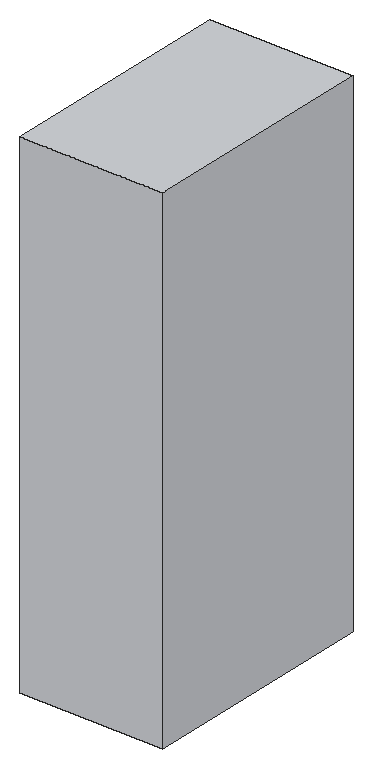
Revit family "機廠行政大樓_電腦室_伺服器機櫃_600x1000x2100", category 電氣設備, Revit 2025
Family settings
  面板規劃 = 兩欄，回路穿越
  圓形接點標註 = 使用直徑
  組件類型 = 分電盤
  OmniClass 編號 = 23.80.30.11.17
  OmniClass 標題 = Distribution Boards and Control Panels
  以工作平面為基礎 = 否
  總是垂直 = 是
  載入時使用空心切割 = 否
  維持標註方位 = 否
  共用 = 否
  房間計算點 = 否
Parameters (values of type "伺服器與網路機櫃")
  built-in parameter 1155100 [instance] = -1
  Default Elevation = 0 mm
  built-in parameter 1140142 [instance] = -1
  SCADA_高mm [instance] = "2100"
  SCADA_附錄F項次 [instance] = "12"
  SCADA_附錄D項次 [instance] = "2"
  SCADA_編號 [instance] = "DEP-ADM-COM-SRV-01"
  SCADA_站點 [instance] = "社后機廠"
  SCADA_深mm [instance] = "1000"
  SCADA_機櫃類型 [instance] = "伺服器與網路機櫃"
  SCADA_期別 [instance] = "共用"
  SCADA_房間 [instance] = "電腦室"
  SCADA_建物 [instance] = "行政大樓"
  SCADA_尺寸 [instance] = "600W×1000D×2100H"
  SCADA_寬mm [instance] = "600"
  SCADA_定位來源 [instance] = "獨立設備族群（載入專案後定位）"
  SCADA_備註 [instance] = ""
  SCADA_來源文件 [instance] = "Installation SoW_V6（Rev.006, 2026-07-02）附錄 D / F；依原文顏色標示排除已刪除項目"
  SCADA_UPS電源110V [instance] = "雙 UPS 電源（2×6000VA）"
  built-in parameter 1140140 [instance] = 1 (stored number, unit not read)
Reference planes
  plane 1 "中心 (前/後)": y = 0
  plane 2: z = 0
  plane 3 "中心 (左/右)": x = 0
Forms (mm)
  Extrusion 1, solid
    sketch origin (0, 0, 0) x (1, 0, 0) y (0, 1, 0)
      loop
        line (-300, -500) -> (300, -500) -> (300, 500) -> (-300, 500) -> (-300, -500)
    from 0 to 2100
Lines and regions (mm)
  symbolic lines, style "開門線"
    curve 1: line (300, -500, 0) -> (300, -1100, 0)
    curve 2: arc (-300, -500, 0) -> (-124.264, -924.264, 0) -> (300, -1100, 0) r 600
    curve 3: line (-300, 500, 0) -> (-300, 1100, 0)
    curve 4: arc (300, 500, 0) -> (124.264, 924.264, 0) -> (-300, 1100, 0) r 600
Dimensions and locks
  aligned and locked: level to plane 2
